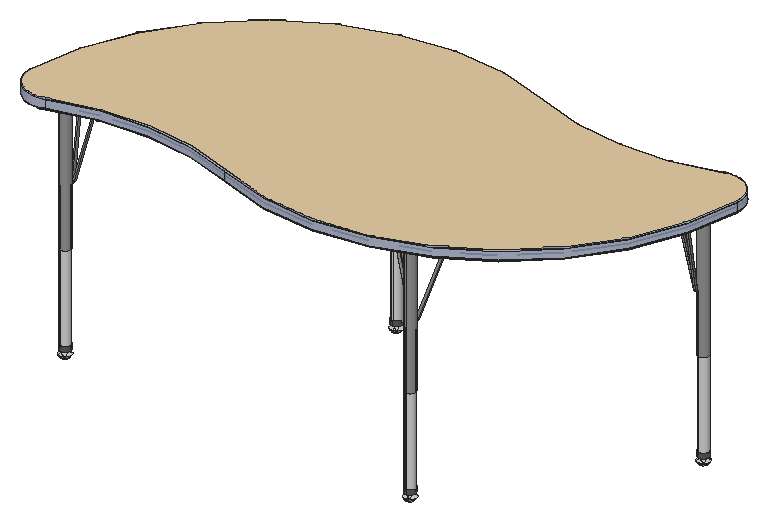
Revit family "Marco - 2255 Veer 60x30", category Furniture, Revit 2020
Family settings
  OmniClass Number = 23.40.20.00
  OmniClass Title = General Furniture and Specialties
  Work Plane-Based = No
  Always vertical = Yes
  Cut with Voids When Loaded = No
  Shared = No
  Room Calculation Point = No
Parameters (values of type "MG2255-B")
  URL = "https://www.madebymarco.net/product-category/desks-tables/"
  Type Image = <None>
  True table height (according to the manufacturer) [instance] = Leg height_calculation + 1.00"  # 26.00"
  Leg type = Marco - All leg types : Marco - MG leg B
  Leg height_calculation [instance] = if(Appex leg A, if(Table height > 30.00", 30.00", if(Table height < 21.00", 21.00", Table height)), if(Appex leg B, if(Table height > 24.00", 24.00", if(Table height < 17.00", 17.00", Table height)), if(MG leg A, if(Table height > 24.00", 24.00", if(Table height < 16.00", 16.00", Table height)), if(MG leg B, if(Table height > 30.00", 30.00", if(Table height < 21.00", 21.00", Table height)), if(Premier leg A, if(Table height > 42.00", 42.00", if(Table height < 32.00", 32.00", Table height)), if(Premier leg B, if(Table height > 31.00", 31.00", if(Table height < 21.00", 21.00", Table height)), Table height)))))) - 1.00"  # 25.00"
  Table height [instance] = 26.00"
  Nominal width [instance] = 60.00"  # constant formula
  Nominal depth [instance] = 30.00"  # constant formula
  Model = "Marco-2255"
  Premier leg B = no
  Premier leg A = no
  MG leg B = yes
  MG leg A = no
  Manufacturer = "Marco Group"
  Leg Finish [instance] = Marco - Leg Finish_Metallic Gray
  Laminate Finishes [instance] = Marco - Laminate Finish_Fusion Maple
  Edgeband Colors [instance] = Marco - Edgeband Finish_Blueberry
  Description = ""
  Default Elevation = 0.00"
  Appex leg B = no
  Appex leg A = no
Types (6): name | True table height (according to the manufacturer) | Leg type | Leg height_calculation | Table height | Premier leg B | Premier leg A | MG leg B | MG leg A | Appex leg B | Appex leg A
  43-2255-A | 37.00" | Marco - All leg types : Marco - Premier Leg A | 36.00" | 37.00" | no | yes | no | no | no | no
  38-2255-B | 21.00" | Marco - All leg types : Marco - Appex Leg B | 20.00" | 21.00" | no | no | no | no | yes | no
  43-2255-B | 26.00" | Marco - All leg types : Marco - Premier Leg B | 25.00" | 26.00" | yes | no | no | no | no | no
  38-2255-A | 26.00" | Marco - All leg types : Marco - Appex Leg A | 25.00" | 26.00" | no | no | no | no | no | yes
  MG2255-A | 20.00" | Marco - All leg types : Marco - MG leg A | 19.00" | 20.00" | no | no | no | yes | no | no
  MG2255-B | 26.00" | Marco - All leg types : Marco - MG leg B | 25.00" | 26.00" | no | no | yes | no | no | no
Reference planes (in)
  plane 1 "Center Front/Back": y = 0
  plane 2: z = 0
  plane 3 "Center Left/Right": x = 0
  plane 4: z = 25
Dimensions and locks (in)
  "Leg height_calculation": plane 4 to level
  aligned and locked: level to plane 2
  aligned and locked: plane 4 to nested 1
Nested families (in)
  nested 1: "Marco - 2255 tabletop" at (0, 0, 25), Edgeband Colors <- "Edgeband Colors", Laminate Finishes <- "Laminate Finishes", type "Marco - 2255 tabletop"
    with Laminate Finishes Marco - Laminate Finish_Fusion Maple, Edgeband Colors Marco - Edgeband Finish_Blueberry
  nested 2: "Marco - All leg types" at (-26.29203, -9.49285, 0) x (0.6428, 0.766, 0) z (0, 0, 1), Leg Finish <- "Leg Finish", Leg height_calculation <- "Leg height_calculation", type <- "Leg type", type "Marco - MG leg B"
    with Leg height_calculation 25.00", Leg Finish Marco - Leg Finish_Metallic Gray
  nested 3: "Marco - All leg types" at (-7.58277, 11.09812, 0) x (0.1736, -0.9848, 0) z (0, 0, 1), Leg Finish <- "Leg Finish", Leg height_calculation <- "Leg height_calculation", type <- "Leg type", type "Marco - MG leg B"
    with Leg height_calculation 25.00", Leg Finish Marco - Leg Finish_Metallic Gray
  nested 4: "Marco - All leg types" at (11.12009, -10.4744, 0) x (-0.1736, 0.9848, 0) z (0, 0, 1), Leg Finish <- "Leg Finish", Leg height_calculation <- "Leg height_calculation", type <- "Leg type", type "Marco - MG leg B"
    with Leg height_calculation 25.00", Leg Finish Marco - Leg Finish_Metallic Gray
  nested 5: "Marco - All leg types" at (26.29203, 9.49285, 0) x (-0.6428, -0.766, 0) z (0, 0, 1), Leg Finish <- "Leg Finish", Leg height_calculation <- "Leg height_calculation", type <- "Leg type", type "Marco - MG leg B"
    with Leg height_calculation 25.00", Leg Finish Marco - Leg Finish_Metallic Gray
Definition of nested family "Marco - 2255 tabletop"
  Parameters (values of type "Marco - 2255 tabletop")
    Laminate Finishes [instance] = none
    Edgeband Colors [instance] = none
    Default Elevation = 0.00"
  Reference planes (in)
    plane 1 "Center (Front/Back)": y = 0
    plane 2: z = 0
    plane 3 "Center (Left/Right)": x = 0
    plane 4: z = -18.11282
  Forms (in)
    Extrusion 1, solid, material <- "Laminate Finishes"
      sketch origin (0, 0, 25.63705) x (0, -1, 0) y (1, 0, 0)
        loop
          arc (12.85168, -6.55428) -> (10.7902, 17.27853) -> (-9.59364, 29.79858) r 26.57512
          arc (-9.59364, 29.79858) -> (-12.17398, 28.65336) -> (-12.59521, 25.86189) r 2.9353
          arc (-12.59521, 25.86189) -> (-10.93765, 16.15272) -> (-12.86076, 6.49264) r 27.09163
          arc (-12.86076, 6.49264) -> (-10.77443, -17.30627) -> (9.59438, -29.79035) r 26.54539
          arc (9.59438, -29.79035) -> (12.18675, -28.63554) -> (12.60345, -25.82834) r 2.948
          arc (12.60345, -25.82834) -> (10.9356, -16.16823) -> (12.85168, -6.55428) r 26.81171
      from -25.63705 to -24.515
    Sweep 2, solid, material <- "Edgeband Colors"
      path origin (-32.6452, -23.35251, -0.00282) x (-1, 0, 0) y (0, -1, 0)
        loop
          arc (-62.55534, -32.9142) -> (-61.3557, -35.61871) -> (-58.42944, -36.05517) r 3.07089
          arc (-58.42944, -36.05517) -> (-48.81486, -34.39709) -> (-39.24667, -36.3047) r 26.69371
          arc (-39.24667, -36.3047) -> (-15.32144, -34.24233) -> (-2.73505, -13.7911) r 26.69312
          arc (-2.73505, -13.7911) -> (-3.93472, -11.08648) -> (-6.86109, -10.64998) r 3.071
          arc (-6.86109, -10.64998) -> (-16.47559, -12.308) -> (-26.04371, -10.4004) r 26.69371
          arc (-26.04371, -10.4004) -> (-49.96903, -12.46282) -> (-62.55534, -32.9142) r 26.69312
      profile origin (28.7105, 12.2662, -0.00282) x (-0.605729, -0.795671, 0) y (0, 0, 1)
        loop
          arc (0.10827, 1.12487) -> (0.03171, 1.09315) -> (0, 1.0166) r 0.10827
          line (0, 1.0166) -> (0, 0.11109)
          arc (0, 0.11109) -> (0.03171, 0.03453) -> (0.10827, 0.00282) r 0.10827
          line (0.10827, 0.00282) -> (0.10827, 0.56224) -> (0.10827, 1.12487)
  Dimensions and locks (in)
    aligned and locked: plane 2 to level
Definition of nested family "Marco - All leg types"
  Parameters (values of type "Marco - Premier Leg B")
    Leg_Premier_Base = yes
    Leg_B_Premier = yes
    Leg_A_Premier = no
    Leg height_calculation [instance] = 26.00"
    Plastic foot material (default) = none
    Leg_Appex_Base = no
    Leg material (middle part) = none
    Leg Finish [instance] = none
    Default Elevation = 0.00"
    Leg_MG_Base = no
    Leg_C_Appex = no
    Leg_B_MG = no
    Leg_B_Appex = no
    Leg_A_MG = no
    Leg_A_Appex = no
  Types (8): name | Leg_Premier_Base | Leg_B_Premier | Leg_A_Premier | Leg_Appex_Base | Leg_MG_Base | Leg_C_Appex | Leg_B_MG | Leg_B_Appex | Leg_A_MG | Leg_A_Appex
    (no name) | yes | yes | no | no | no | no | no | no | no | no
    Marco - Premier Leg B | yes | yes | no | no | no | no | no | no | no | no
    Marco - Premier Leg A | yes | no | yes | no | no | no | no | no | no | no
    Marco - MG leg B | no | no | no | no | yes | no | yes | no | no | no
    Marco - MG leg A | no | no | no | no | yes | no | no | no | yes | no
    Marco - Appex Leg B | no | no | no | yes | no | no | no | yes | no | no
    Marco - Appex Leg A | no | no | no | yes | no | no | no | no | no | yes
    Marco - Appex Leg C | no | no | no | yes | no | yes | no | no | no | no
  Reference planes (in)
    plane 1 "Center (Front/Back)": y = 0
    plane 2: z = 0
    plane 3 "Center (Left/Right)": x = 0
    plane 4: z = 26
    plane 5: z = 25.93275
  Forms (in)
    Extrusion 1, solid, material <- "Leg material (middle part)", visible <- "Leg_B_Appex"
      sketch origin (11.95771, -21.29254, 0) x (0.5, -0.866025, 0) y (0.866025, 0.5, 0)
        loop
          line (-24.72152, 0.76099) -> (-24.97742, 0.31775)
          arc (-24.97742, 0.31775) -> (-24.79729, -0.35451) -> (-24.12503, -0.17438) r 0.49213
          line (-24.12503, -0.17438) -> (-23.86913, 0.26886)
          arc (-23.86913, 0.26886) -> (-24.04926, 0.94112) -> (-24.72152, 0.76099) r 0.49213
        loop
          arc (-24.91946, 0.28428) -> (-24.76383, -0.29654) -> (-24.183, -0.14091) r 0.4252
          line (-24.183, -0.14091) -> (-23.92709, 0.30233)
          arc (-23.92709, 0.30233) -> (-24.08272, 0.88316) -> (-24.66355, 0.72753) r 0.4252
          line (-24.66355, 0.72753) -> (-24.91946, 0.28428)
      from 0.82677 to 14.41
    Extrusion 2, solid, material <- "Leg material (middle part)", visible <- "Leg_A_Appex"
      sketch origin (11.95771, -21.29254, 0) x (0.5, -0.866025, 0) y (0.866025, 0.5, 0)
        loop
          line (-24.72152, 0.76099) -> (-24.97742, 0.31775)
          arc (-24.97742, 0.31775) -> (-24.79729, -0.35451) -> (-24.12503, -0.17438) r 0.49213
          line (-24.12503, -0.17438) -> (-23.86913, 0.26886)
          arc (-23.86913, 0.26886) -> (-24.04926, 0.94112) -> (-24.72152, 0.76099) r 0.49213
        loop
          arc (-24.91946, 0.28428) -> (-24.76383, -0.29654) -> (-24.183, -0.14091) r 0.4252
          line (-24.183, -0.14091) -> (-23.92709, 0.30233)
          arc (-23.92709, 0.30233) -> (-24.08272, 0.88316) -> (-24.66355, 0.72753) r 0.4252
          line (-24.66355, 0.72753) -> (-24.91946, 0.28428)
      from 0.82677 to 16.37795
    Extrusion 3, solid, material <- "Leg Finish", visible <- "Leg_A_Appex"
      sketch origin (12.0826, -21.51395, 0) x (0.5, -0.866025, 0) y (0.866025, 0.5, 0)
        loop
          spline (-24.1654, 1.17297) -> (-24.31316, 1.22174) -> (-24.48864, 1.21215) -> (-24.68147, 1.14055) -> (-24.87647, 1.00905) -> (-25.05799, 0.826) -> (-25.21198, 0.60433) -> (-25.32696, 0.36014) -> (-25.39473, 0.11141) -> (-25.4111, -0.12322) -> (-25.37669, -0.32601) -> (-25.29726, -0.48278) -> (-25.18115, -0.58636)
          spline (-25.18115, -0.58636) -> (-25.03339, -0.63512) -> (-24.85791, -0.62553) -> (-24.66508, -0.55393) -> (-24.47008, -0.42244) -> (-24.28856, -0.23939) -> (-24.13457, -0.01772) -> (-24.01959, 0.22648) -> (-23.95182, 0.47521) -> (-23.93545, 0.70983) -> (-23.96986, 0.91263) -> (-24.04929, 1.06939) -> (-24.1654, 1.17297)
        loop
          spline (-24.13194, 1.23093) -> (-24.30481, 1.28814) -> (-24.5028, 1.27756) -> (-24.7124, 1.1999) -> (-24.91934, 1.06046) -> (-25.10951, 0.86873) -> (-25.26995, 0.6378) -> (-25.38972, 0.38338) -> (-25.46068, 0.12283) -> (-25.47797, -0.1261) -> (-25.44042, -0.34646) -> (-25.3506, -0.52321) -> (-25.21461, -0.64432)
          spline (-25.21461, -0.64432) -> (-25.04174, -0.70153) -> (-24.84375, -0.69094) -> (-24.63415, -0.61328) -> (-24.42721, -0.47384) -> (-24.23704, -0.28212) -> (-24.0766, -0.05118) -> (-23.95683, 0.20323) -> (-23.88587, 0.46378) -> (-23.86858, 0.71272) -> (-23.90613, 0.93307) -> (-23.99595, 1.10982) -> (-24.13194, 1.23093)
      from 7.88189 to 25.93275
    Extrusion 4, solid, material <- "Leg Finish", visible <- "Leg_B_Appex"
      sketch origin (12.0826, -21.51395, 0) x (0.5, -0.866025, 0) y (0.866025, 0.5, 0)
        loop
          spline (-24.1654, 1.17297) -> (-24.31316, 1.22174) -> (-24.48864, 1.21215) -> (-24.68147, 1.14055) -> (-24.87647, 1.00905) -> (-25.05799, 0.826) -> (-25.21198, 0.60433) -> (-25.32696, 0.36014) -> (-25.39473, 0.11141) -> (-25.4111, -0.12322) -> (-25.37669, -0.32601) -> (-25.29726, -0.48278) -> (-25.18115, -0.58636)
          spline (-25.18115, -0.58636) -> (-25.03339, -0.63512) -> (-24.85791, -0.62553) -> (-24.66508, -0.55393) -> (-24.47008, -0.42244) -> (-24.28856, -0.23939) -> (-24.13457, -0.01772) -> (-24.01959, 0.22648) -> (-23.95182, 0.47521) -> (-23.93545, 0.70983) -> (-23.96986, 0.91263) -> (-24.04929, 1.06939) -> (-24.1654, 1.17297)
        loop
          spline (-24.13194, 1.23093) -> (-24.30481, 1.28814) -> (-24.5028, 1.27756) -> (-24.7124, 1.1999) -> (-24.91934, 1.06046) -> (-25.10951, 0.86873) -> (-25.26995, 0.6378) -> (-25.38972, 0.38338) -> (-25.46068, 0.12283) -> (-25.47797, -0.1261) -> (-25.44042, -0.34646) -> (-25.3506, -0.52321) -> (-25.21461, -0.64432)
          spline (-25.21461, -0.64432) -> (-25.04174, -0.70153) -> (-24.84375, -0.69094) -> (-24.63415, -0.61328) -> (-24.42721, -0.47384) -> (-24.23704, -0.28212) -> (-24.0766, -0.05118) -> (-23.95683, 0.20323) -> (-23.88587, 0.46378) -> (-23.86858, 0.71272) -> (-23.90613, 0.93307) -> (-23.99595, 1.10982) -> (-24.13194, 1.23093)
      from 12.803 to 25.93275
    Extrusion 5, solid, material <- "Leg Finish", visible <- "Leg_A_MG"
      sketch origin (4.71681, -0.56401, 2.21094) x (1, 0, 0) y (0, 1, 0)
        loop
          circle (-4.71677, 0.5625) r 0.51
        loop
          circle (-4.71677, 0.5625) r 0.56
      from 12.49606 to 23.72181
    Extrusion 6, solid, material <- "Leg Finish", visible <- "Leg_B_MG"
      sketch origin (4.71681, -0.56401, 2.21094) x (1, 0, 0) y (0, 1, 0)
        loop
          circle (-4.71677, 0.5625) r 0.51
        loop
          circle (-4.71677, 0.5625) r 0.56
      from 9.16706 to 23.72181
    Extrusion 7, solid, material <- "Leg material (middle part)", visible <- "Leg_B_MG"
      sketch origin (14.75753, 0, 0) x (1, 0, 0) y (0, 1, 0)
        loop
          circle (-14.75749, 0) r 0.441
        loop
          circle (-14.75749, 0) r 0.489
      from 0.81393 to 17.06428
    Extrusion 8, solid, material <- "Leg material (middle part)", visible <- "Leg_A_MG"
      sketch origin (14.75753, 0, 0) x (1, 0, 0) y (0, 1, 0)
        loop
          circle (-14.75749, 0) r 0.441
        loop
          circle (-14.75749, 0) r 0.489
      from 0.81393 to 14.30293
    Extrusion 9, solid, material <- "Leg Finish", visible <- "Leg_C_Appex"
      sketch origin (12.0826, -21.51395, 0) x (0.5, -0.866025, 0) y (0.866025, 0.5, 0)
        loop
          spline (-24.1654, 1.17297) -> (-24.31316, 1.22174) -> (-24.48864, 1.21215) -> (-24.68147, 1.14055) -> (-24.87647, 1.00905) -> (-25.05799, 0.826) -> (-25.21198, 0.60433) -> (-25.32696, 0.36014) -> (-25.39473, 0.11141) -> (-25.4111, -0.12322) -> (-25.37669, -0.32601) -> (-25.29726, -0.48278) -> (-25.18115, -0.58636)
          spline (-25.18115, -0.58636) -> (-25.03339, -0.63512) -> (-24.85791, -0.62553) -> (-24.66508, -0.55393) -> (-24.47008, -0.42244) -> (-24.28856, -0.23939) -> (-24.13457, -0.01772) -> (-24.01959, 0.22648) -> (-23.95182, 0.47521) -> (-23.93545, 0.70983) -> (-23.96986, 0.91263) -> (-24.04929, 1.06939) -> (-24.1654, 1.17297)
        loop
          spline (-24.13194, 1.23093) -> (-24.30481, 1.28814) -> (-24.5028, 1.27756) -> (-24.7124, 1.1999) -> (-24.91934, 1.06046) -> (-25.10951, 0.86873) -> (-25.26995, 0.6378) -> (-25.38972, 0.38338) -> (-25.46068, 0.12283) -> (-25.47797, -0.1261) -> (-25.44042, -0.34646) -> (-25.3506, -0.52321) -> (-25.21461, -0.64432)
          spline (-25.21461, -0.64432) -> (-25.04174, -0.70153) -> (-24.84375, -0.69094) -> (-24.63415, -0.61328) -> (-24.42721, -0.47384) -> (-24.23704, -0.28212) -> (-24.0766, -0.05118) -> (-23.95683, 0.20323) -> (-23.88587, 0.46378) -> (-23.86858, 0.71272) -> (-23.90613, 0.93307) -> (-23.99595, 1.10982) -> (-24.13194, 1.23093)
      from 16.937 to 25.93275
    Extrusion 10, solid, material <- "Leg material (middle part)", visible <- "Leg_C_Appex"
      sketch origin (11.95771, -21.29254, 0) x (0.5, -0.866025, 0) y (0.866025, 0.5, 0)
        loop
          line (-24.72152, 0.76099) -> (-24.97742, 0.31775)
          arc (-24.97742, 0.31775) -> (-24.79729, -0.35451) -> (-24.12503, -0.17438) r 0.49213
          line (-24.12503, -0.17438) -> (-23.86913, 0.26886)
          arc (-23.86913, 0.26886) -> (-24.04926, 0.94112) -> (-24.72152, 0.76099) r 0.49213
        loop
          arc (-24.91946, 0.28428) -> (-24.76383, -0.29654) -> (-24.183, -0.14091) r 0.4252
          line (-24.183, -0.14091) -> (-23.92709, 0.30233)
          arc (-23.92709, 0.30233) -> (-24.08272, 0.88316) -> (-24.66355, 0.72753) r 0.4252
          line (-24.66355, 0.72753) -> (-24.91946, 0.28428)
      from 0.82677 to 10.472
  Dimensions and locks (in)
    "Leg height_calculation": plane 4 to level
    locked: plane 4 to plane 5 at 0.06725
    locked: plane 4 to Extrusion 9 at 9.063
    locked: plane 4 to Extrusion 4 at 13.197
    locked: plane 4 to Extrusion 3 at 18.11811
    locked: plane 4 to Extrusion 5 at 11.293
    locked: plane 4 to Extrusion 6 at 14.622
    aligned and locked: plane 2 to level
    aligned and locked: nested 3 to plane 4
    aligned and locked: nested 2 to plane 4
    aligned and locked: plane 5 to Extrusion 6
    aligned and locked: plane 5 to Extrusion 5
    aligned and locked: plane 5 to Extrusion 4
    aligned and locked: plane 5 to Extrusion 3
    aligned and locked: plane 4 to nested 5
    aligned and locked: plane 4 to nested 6
    aligned and locked: plane 5 to Extrusion 9
  Automatic sketch dimensions
    Extrusion 1 sketch curve to Extrusion 1 sketch curve = 0.00"  (x4)
    Extrusion 1 sketch curve to plane 1 "Center (Front/Back)" = 0.49741"
    Extrusion 1 sketch curve to plane 3 "Center (Left/Right)" = 0.25582"
    Extrusion 1 sketch curve to Extrusion 1 sketch curve = 0.05796"  (x4)
    Extrusion 1 sketch curve to Extrusion 1 sketch curve = 0.25591"
    Extrusion 1 sketch curve to Extrusion 1 sketch curve = 0.36823"  (x4)
    Extrusion 1 sketch curve to Extrusion 1 sketch curve = 0.01542"
    Extrusion 1 sketch curve to Extrusion 1 sketch curve = 0.03346"  (x2)
    Extrusion 1 sketch curve to Extrusion 1 sketch curve = 0.2126"  (x2)
    Extrusion 2 sketch curve to Extrusion 2 sketch curve = 0.00"  (x4)
    Extrusion 2 sketch curve to plane 1 "Center (Front/Back)" = 0.49741"
    Extrusion 2 sketch curve to plane 3 "Center (Left/Right)" = 0.25582"
    Extrusion 2 sketch curve to Extrusion 2 sketch curve = 0.05796"  (x4)
    Extrusion 2 sketch curve to Extrusion 2 sketch curve = 0.25591"
    Extrusion 2 sketch curve to Extrusion 2 sketch curve = 0.36823"  (x4)
    Extrusion 2 sketch curve to Extrusion 2 sketch curve = 0.01542"
    Extrusion 2 sketch curve to Extrusion 2 sketch curve = 0.03346"  (x2)
    Extrusion 2 sketch curve to Extrusion 2 sketch curve = 0.2126"  (x2)
    Extrusion 3 sketch curve to plane 1 "Center (Front/Back)" = 0.00038"
    Extrusion 3 sketch curve to plane 3 "Center (Left/Right)" = 1.0827"
    Extrusion 3 sketch curve to Extrusion 3 sketch curve = 0.00"  (x8)
    Extrusion 3 sketch curve to Extrusion 3 sketch curve = 0.03346"  (x2)
    Extrusion 3 sketch curve to Extrusion 3 sketch curve = 1.01575"
    Extrusion 3 sketch curve to Extrusion 3 sketch curve = 0.05796"  (x2)
    Extrusion 3 sketch curve to Extrusion 3 sketch curve = 1.75933"
    Extrusion 4 sketch curve to plane 1 "Center (Front/Back)" = 0.00038"
    Extrusion 4 sketch curve to plane 3 "Center (Left/Right)" = 1.0827"
    Extrusion 4 sketch curve to Extrusion 4 sketch curve = 0.00"  (x8)
    Extrusion 4 sketch curve to Extrusion 4 sketch curve = 0.03346"  (x2)
    Extrusion 4 sketch curve to Extrusion 4 sketch curve = 1.01575"
    Extrusion 4 sketch curve to Extrusion 4 sketch curve = 0.05796"  (x2)
    Extrusion 4 sketch curve to Extrusion 4 sketch curve = 1.75933"
    Extrusion 5 sketch curve to Extrusion 5 sketch curve = 0.00"  (x2)
    plane 1 "Center (Front/Back)" to Extrusion 5 sketch curve = 0.00151"
    plane 3 "Center (Left/Right)" to Extrusion 5 sketch curve = 0.00004"
    Extrusion 6 sketch curve to Extrusion 6 sketch curve = 0.00"  (x2)
    plane 1 "Center (Front/Back)" to Extrusion 6 sketch curve = 0.00151"
    plane 3 "Center (Left/Right)" to Extrusion 6 sketch curve = 0.00004"
    Extrusion 7 sketch curve to Extrusion 7 sketch curve = 0.00"  (x2)
    plane 1 "Center (Front/Back)" to Extrusion 7 sketch curve = 0.00"
    plane 3 "Center (Left/Right)" to Extrusion 7 sketch curve = 0.00004"
    Extrusion 8 sketch curve to Extrusion 8 sketch curve = 0.00"  (x2)
    plane 1 "Center (Front/Back)" to Extrusion 8 sketch curve = 0.00"
    plane 3 "Center (Left/Right)" to Extrusion 8 sketch curve = 0.00004"
    Extrusion 9 sketch curve to plane 1 "Center (Front/Back)" = 0.00038"
    Extrusion 9 sketch curve to plane 3 "Center (Left/Right)" = 1.0827"
    Extrusion 9 sketch curve to Extrusion 9 sketch curve = 0.00"  (x8)
    Extrusion 9 sketch curve to Extrusion 9 sketch curve = 0.03346"  (x2)
    Extrusion 9 sketch curve to Extrusion 9 sketch curve = 1.01575"
    Extrusion 9 sketch curve to Extrusion 9 sketch curve = 0.05796"  (x2)
    Extrusion 9 sketch curve to Extrusion 9 sketch curve = 1.75933"
    Extrusion 10 sketch curve to Extrusion 10 sketch curve = 0.00"  (x4)
    Extrusion 10 sketch curve to plane 1 "Center (Front/Back)" = 0.49741"
    Extrusion 10 sketch curve to plane 3 "Center (Left/Right)" = 0.25582"
    Extrusion 10 sketch curve to Extrusion 10 sketch curve = 0.05796"  (x4)
    Extrusion 10 sketch curve to Extrusion 10 sketch curve = 0.25591"
    Extrusion 10 sketch curve to Extrusion 10 sketch curve = 0.36823"  (x4)
    Extrusion 10 sketch curve to Extrusion 10 sketch curve = 0.01542"
    Extrusion 10 sketch curve to Extrusion 10 sketch curve = 0.03346"  (x2)
    Extrusion 10 sketch curve to Extrusion 10 sketch curve = 0.2126"  (x2)
    radius of Extrusion 5 sketch curve = 0.51"
    radius of Extrusion 5 sketch curve = 0.56"
    radius of Extrusion 6 sketch curve = 0.51"
    radius of Extrusion 6 sketch curve = 0.56"
    radius of Extrusion 7 sketch curve = 0.441"
    radius of Extrusion 7 sketch curve = 0.489"
    radius of Extrusion 8 sketch curve = 0.441"
    radius of Extrusion 8 sketch curve = 0.489"
  Nested families (in)
    nested 1: "Bottom of the leg_Premier" at (0, 0, 0), visible <- "Leg_Premier_Base", type "Bottom of the leg_Premier"
    nested 2: "Top of the B leg_Premier" at (0, 0, 16), visible <- "Leg_B_Premier", type "Top of the B leg_Premier"
    nested 3: "Top of the A leg_Premier" at (0, 0, 16), visible <- "Leg_A_Premier", type "Top of the A leg_Premier"
    nested 4: "Bottom of the leg_MG" at (-0.4066, 0, 0), visible <- "Leg_MG_Base", type "Bottom of the leg_MG"
    nested 5: "Top of the leg_MG" at (0.254, 0, 3.24836), visible <- "Leg_MG_Base", type "Top of the leg_MG"
    nested 6: "Top of the leg_Appex" at (-0.15462, 0, 0.75591) x (1, 0, 0) z (0, 0, 1), visible <- "Leg_Appex_Base", Leg finish <- "Leg Finish", type "Top of the leg_Appex"
      with Leg finish none
    nested 7: "Bottom of the leg_Appex" at (0, 0, 0), visible <- "Leg_Appex_Base", type "Bottom of the leg_Appex"
  Definition of nested family "Bottom of the leg_Premier"
    Parameters (values of type "Bottom_of_the_A&B_leg_PREMIER_")
      Plastic foot material = none
      Leg Finish = none
      Default Elevation = 0.00"
    Reference planes (in)
      plane 1 "Center (Front/Back)": y = 0
      plane 2: z = 0
      plane 3 "Center (Left/Right)": x = 0
    Forms (in)
      Revolve 1, solid, material <- "Leg Finish"
        sketch origin (0, 0, 0) x (1, 0, 0) y (0, 0, 1)
          loop
            line (0, 0) -> (0, 1.10236) -> (-0.34875, 1.10236) -> (-0.34875, 0.71936) -> (-0.27766, 0.71936) -> (-0.27766, 0.55512) -> (-0.33302, 0.55512) -> (-0.33302, 0.51575) -> (-0.58743, 0.51575)
            arc (-0.58743, 0.51575) -> (-0.65968, 0.46605) -> (-0.6875, 0.38288) r 0.13825
            line (-0.6875, 0.38288) -> (-0.6875, 0.13287)
            arc (-0.6875, 0.13287) -> (-0.65968, 0.0497) -> (-0.58743, 0) r 0.13825
            line (-0.58743, 0) -> (0, 0)
          loop
            line (-0.88509, 2.99213) -> (-0.83706, 2.99213) -> (-0.83706, 18.84459) -> (-0.88509, 18.84459) -> (-0.88509, 2.99213)
          axis (0, 18.84459) -> (0, 0)
        angle from 0 to 360
      Revolve 2, solid, material <- "Plastic foot material"
        sketch origin (0, 0, 0) x (1, 0, 0) y (0, 0, 1)
          loop
            line (0, 1.10236) -> (0, 2.99213) -> (-0.88509, 2.99213)
            arc (-0.88509, 2.99213) -> (-0.97289, 2.93789) -> (-1.00722, 2.84057) r 0.15511
            line (-1.00722, 2.84057) -> (-1.00722, 1.416)
            arc (-1.00722, 1.416) -> (-0.98924, 1.35402) -> (-0.94089, 1.31128) r 0.11582
            line (-0.94089, 1.31128) -> (-0.51254, 1.10236) -> (0, 1.10236)
          axis (0, 2.99213) -> (0, 1.10236)
        angle from 0 to 360
    Dimensions and locks (in)
      aligned and locked: plane 2 to level
  Definition of nested family "Top of the B leg_Premier"
    Parameters (values of type "Top_of_the_B_leg_PREMIER_")
      Leg height = 31.00"
      Leg Material = none
      Default Elevation = 0.00"
    Reference planes (in)
      plane 1 "Center (Front/Back)": y = 0
      plane 2: z = 0
      plane 3 "Center (Left/Right)": x = 0
      plane 4: z = 10
    Forms (in)
      Extrusion 1, solid, material <- "Leg Material"
        sketch origin (27.64776, -10.58102, -9.14173) x (-0.707107, 0.707107, 0) y (-0.707107, -0.707107, 0)
          loop
            circle (27.0321, 12.08923) r 0.98438
          loop
            circle (27.0321, 12.08923) r 0.96421
        from 2.99213 to 19.03543
      Extrusion 2, solid, material <- "Leg Material"
        sketch origin (27.61047, -10.65436, 9.07632) x (0.707107, -0.707107, 0) y (0.707107, 0.707107, 0)
          loop
            line (-28.74479, -12.69685) -> (-28.74479, -8.71468)
            arc (-28.74479, -8.71468) -> (-28.45314, -8.2782) -> (-27.93828, -8.38061) r 0.47244
            line (-27.93828, -8.38061) -> (-23.4443, -12.87459)
            arc (-23.4443, -12.87459) -> (-23.34199, -13.3897) -> (-23.7789, -13.6811) r 0.47244
            line (-23.7789, -13.6811) -> (-27.85144, -13.67645)
            arc (-27.85144, -13.67645) -> (-28.48487, -13.35818) -> (-28.74015, -12.69685) r 0.98425
        from 0.81738 to 0.92368
      Extrusion 3, solid, material <- "Leg Material"
        sketch origin (30.86364, 34.67561, -16.17945) x (0.500001, 0.866025, 0) y (0, 0, -1)
          loop
            line (-44.54347, -21.08143) -> (-44.54347, -25.54166) -> (-44.30725, -25.77788) -> (-43.10145, -25.77788)
            arc (-43.10145, -25.77788) -> (-42.99137, -25.81153) -> (-42.91893, -25.90099) r 0.19685
            line (-42.91893, -25.90099) -> (-42.89911, -25.95004)
            arc (-42.89911, -25.95004) -> (-42.82667, -26.0395) -> (-42.71659, -26.07315) r 0.19685
            line (-42.71659, -26.07315) -> (-42.01505, -26.07315)
            arc (-42.01505, -26.07315) -> (-41.99861, -26.07229) -> (-41.98235, -26.06972) r 0.15748
            line (-41.98235, -26.06972) -> (-41.90762, -26.03744) -> (-44.47357, -21.03071) -> (-44.54347, -21.08143)
        from 9.50891 to 9.58765
      Extrusion 4, solid, material <- "Leg Material"
        sketch origin (30.86311, -34.67527, -16.17945) x (0.499999, -0.866026, 0) y (0, 0, 1)
          loop
            line (-44.54347, 21.08143) -> (-44.47357, 21.03071) -> (-41.90762, 26.03744) -> (-41.98235, 26.06972)
            arc (-41.98235, 26.06972) -> (-41.99861, 26.07229) -> (-42.01505, 26.07315) r 0.15748
            line (-42.01505, 26.07315) -> (-42.71659, 26.07315)
            arc (-42.71659, 26.07315) -> (-42.82667, 26.0395) -> (-42.89911, 25.95004) r 0.19685
            line (-42.89911, 25.95004) -> (-42.91893, 25.90099)
            arc (-42.91893, 25.90099) -> (-42.99137, 25.81153) -> (-43.10145, 25.77788) r 0.19685
            line (-43.10145, 25.77788) -> (-44.30725, 25.77788) -> (-44.54347, 25.54166) -> (-44.54347, 21.08143)
        from 9.50891 to 9.58765
    Dimensions and locks (in)
      aligned and locked: plane 2 to level
  Definition of nested family "Top of the A leg_Premier"
    Parameters (values of type "Top of the A leg_Premier")
      Leg Finish = none
      Default Elevation = 0.00"
    Reference planes (in)
      plane 1 "Center Front/Back": y = 0
      plane 2: z = 0
      plane 3 "Center Left/Right": x = 0
      plane 4: z = 10
    Forms (in)
      Extrusion 1, solid, material <- "Leg Finish"
        sketch origin (29.09243, 12.08923, -26.85738) x (-1, 0, 0) y (0, -1, 0)
          loop
            circle (29.09243, 12.08923) r 1.08268
          loop
            circle (29.09243, 12.08923) r 1.02362
        from 15.19596 to 36.75108
      Extrusion 2, solid, material <- "Leg Finish"
        sketch origin (-9.25, 0.00158, 8.89262) x (0, -1, 0) y (1, 0, 0)
          loop
            arc (-4.7326, 13.07018) -> (-5.07854, 12.23501) -> (-4.7326, 11.39985) r 1.1811
            line (-4.7326, 11.39985) -> (-1.12501, 7.79226) -> (-0.6286, 7.29585)
            arc (-0.6286, 7.29585) -> (0, 7.07599) -> (0.6286, 7.29585) r 1.00855
            line (0.6286, 7.29585) -> (1.12501, 7.79226) -> (4.7326, 11.39985)
            arc (4.7326, 11.39985) -> (5.07854, 12.23501) -> (4.7326, 13.07018) r 1.1811
            line (4.7326, 13.07018) -> (0.83517, 16.96762)
            arc (0.83517, 16.96762) -> (0, 17.31356) -> (-0.83517, 16.96762) r 1.1811
            line (-0.83517, 16.96762) -> (-4.7326, 13.07018)
        from 1.00108 to 1.10738
      Extrusion 3, solid, material <- "Leg Finish"
        sketch origin (-6.23228, 5.07922, -26.85738) x (0.707107, -0.707107, 0) y (0, 0, 1)
          loop
            line (9.08077, 27.38295) -> (9.21959, 27.33235) -> (12.65284, 36.75108) -> (9.71482, 36.75108) -> (9.08077, 35.87548) -> (9.08077, 27.38295)
        from -0.65786 to -0.57912
      Extrusion 4, solid, material <- "Leg Finish"
        sketch origin (-6.23228, -5.07605, -26.85738) x (0.707107, 0.707107, 0) y (0, 0, -1)
          loop
            line (9.08077, -27.38295) -> (9.08077, -35.87548) -> (9.71482, -36.75108) -> (12.65284, -36.75108) -> (9.21959, -27.33235) -> (9.08077, -27.38295)
        from -0.65786 to -0.57912
    Dimensions and locks (in)
      aligned and locked: level to plane 2
  Definition of nested family "Bottom of the leg_MG"
    Parameters (values of type "Bottom of the leg_B_MG")
      Plastic foot material (default) = none
      Lower leg part material (default) = none
      Default Elevation = 0.00"
    Reference planes (in)
      plane 1 "Center Front/Back": y = 0
      plane 2: z = 0
      plane 3 "Center Left/Right": x = 0
    Forms (in)
      Revolve 1, solid, material <- "Plastic foot material (default)"
        sketch origin (2.90313, 0, 0.13234) x (-0.99863, 0, -0.052336) y (-0.052336, 0, 0.99863)
          loop
            line (2.99174, 1.21804) -> (2.95993, 1.21637) -> (2.98401, 0.7569) -> (3.01582, 0.75856) -> (2.99174, 1.21804)
          axis (2.46158, 0.72948) -> (2.43747, 1.18896)
        angle from 0 to 360
      Revolve 2, solid, material <- "Lower leg part material (default)"
        sketch origin (5.49233, -0.00151, 0.01097) x (1, 0, 0) y (0, 0, 1)
          loop
            line (-5.08577, 0) -> (-5.08577, 0.72103) -> (-5.60232, 0.72103) -> (-5.33176, 0.69736) -> (-5.21381, 0.6383) -> (-5.21381, 0.52703) -> (-5.69797, 0.24751) -> (-5.5832, 0.15011) -> (-5.49999, 0) -> (-5.08577, 0)
          axis (-5.08573, 0) -> (-5.08573, 0.72103)
        angle from 0 to 360
    Dimensions and locks (in)
      aligned and locked: level to plane 2
  Definition of nested family "Top of the leg_MG"
    Parameters (values of type "Top_of_the_leg_A_leg_MG")
      Leg material = none
      Default Elevation = 0.00"
    Reference planes (in)
      plane 1 "Center Front/Back": y = 0
      plane 2: z = 0
      plane 3 "Center Left/Right": x = 0
      plane 4: z = 22.75164
    Forms (in)
      Extrusion 1, solid, material <- "Leg material"
        sketch origin (1.97462, -0.1861, -0.00725) x (0.707107, 0.707107, 0) y (-0.707107, 0.707107, 0)
          loop
            line (2.18325, 2.96031) -> (-2.18325, 2.96031)
            arc (-2.18325, 2.96031) -> (-2.54812, 2.80917) -> (-2.69925, 2.44431) r 0.516
            line (-2.69925, 2.44431) -> (-2.69925, -1.92219)
            arc (-2.69925, -1.92219) -> (-2.4338, -2.31946) -> (-1.96519, -2.22625) r 0.43
            line (-1.96519, -2.22625) -> (2.48731, 2.22625)
            arc (2.48731, 2.22625) -> (2.58052, 2.69486) -> (2.18325, 2.96031) r 0.43
        from 22.69164 to 22.75164
      Sweep 2, solid, material <- "Leg material"
        path origin (22.80572, -0.00151, 21.13617) x (0.160915, 0, 0.986968) y (0, 1, 0)
          loop
            line (-1.81223, 2.80369) -> (-10.01782, 0.28757)
            arc (-10.01782, 0.28757) -> (-10.23042, 0) -> (-10.01782, -0.28757) r 0.30078
            line (-10.01782, -0.28757) -> (-1.81223, -2.80369)
        profile origin (21.8539, 1.54412, 15.29823) x (0.047174, -0.956063, 0.289342) y (-0.986968, 0, 0.160915)
          loop
            circle (0, 21) r 0.12398
    Dimensions and locks (in)
      aligned and locked: level to plane 2
  Definition of nested family "Top of the leg_Appex"
    Parameters (values of type "Top_of_the_Appex_leg_A")
      Leg finish [instance] = none
      Default Elevation = 0.00"
    Reference planes (in)
      plane 1 "Center Front/Back": y = 0
      plane 2: z = 0
      plane 3 "Center Left/Right": x = 0
      plane 4: z = 25.24409
    Forms (in)
      Extrusion 1, solid, material <- "Leg finish"
        sketch origin (8.23973, -14.58575, 0) x (0.5, -0.866025, 0) y (0, 0, 1)
          loop
            line (-16.04822, 21.77936) -> (-16.01757, 21.79052)
            arc (-16.01757, 21.79052) -> (-15.94946, 21.83265) -> (-15.90376, 21.89842) r 0.19685
            arc (-15.90376, 21.89842) -> (-14.93638, 23.44935) -> (-13.54107, 24.63016) r 5.90551
            arc (-13.54107, 24.63016) -> (-13.4307, 24.73042) -> (-13.36554, 24.86453) r 0.3937
            line (-13.36554, 24.86453) -> (-13.29232, 25.1378) -> (-13.98125, 25.1378)
            arc (-13.98125, 25.1378) -> (-14.09416, 25.1022) -> (-14.16623, 25.00827) r 0.19685
            line (-14.16623, 25.00827) -> (-14.17942, 24.97204)
            arc (-14.17942, 24.97204) -> (-14.25149, 24.87812) -> (-14.3644, 24.84252) r 0.19685
            line (-14.3644, 24.84252) -> (-15.77263, 24.84252) -> (-16.04822, 24.56693) -> (-16.04822, 21.77936)
        from 0 to 0.10236
      Extrusion 2, solid, material <- "Leg finish"
        sketch origin (8.23973, 14.58652, 0) x (0.5, 0.866025, 0) y (0, 0, -1)
          loop
            line (-16.04822, -21.77936) -> (-16.04822, -24.56693) -> (-15.77263, -24.84252) -> (-14.3644, -24.84252)
            arc (-14.3644, -24.84252) -> (-14.25149, -24.87812) -> (-14.17942, -24.97204) r 0.19685
            line (-14.17942, -24.97204) -> (-14.16623, -25.00827)
            arc (-14.16623, -25.00827) -> (-14.09416, -25.1022) -> (-13.98125, -25.1378) r 0.19685
            line (-13.98125, -25.1378) -> (-13.29232, -25.1378) -> (-13.36554, -24.86453)
            arc (-13.36554, -24.86453) -> (-13.4307, -24.73042) -> (-13.54107, -24.63016) r 0.3937
            arc (-13.54107, -24.63016) -> (-14.93638, -23.44935) -> (-15.90376, -21.89842) r 5.90551
            arc (-15.90376, -21.89842) -> (-15.94946, -21.83265) -> (-16.01757, -21.79052) r 0.19685
            line (-16.01757, -21.79052) -> (-16.04822, -21.77936)
        from 0 to 0.10236
      Extrusion 3, solid, material <- "Leg finish"
        sketch origin (27.61047, -10.64836, 24.32042) x (0.707107, -0.707107, 0) y (0.707107, 0.707107, 0)
          loop
            line (-28.74479, -12.69685) -> (-28.74479, -8.71468)
            arc (-28.74479, -8.71468) -> (-28.45314, -8.2782) -> (-27.93828, -8.38061) r 0.47244
            line (-27.93828, -8.38061) -> (-23.4443, -12.87459)
            arc (-23.4443, -12.87459) -> (-23.34199, -13.3897) -> (-23.7789, -13.6811) r 0.47244
            line (-23.7789, -13.6811) -> (-27.85144, -13.67645)
            arc (-27.85144, -13.67645) -> (-28.48487, -13.35818) -> (-28.74015, -12.69685) r 0.98425
        from 0.81738 to 0.92368
    Dimensions and locks (in)
      aligned and locked: level to plane 2
  Definition of nested family "Bottom of the leg_Appex"
    Parameters (values of type "Bottom_of the_Appex_leg_A")
      Plastic foot material (default) = none
      Lower leg part material (default) = none
      Default Elevation = 0.00"
    Reference planes (in)
      plane 1 "Center Front/Back": y = 0
      plane 2: z = 0
      plane 3 "Center Left/Right": x = 0
    Forms (in)
      Sweep 1, solid, material <- "Plastic foot material (default)"
        path origin (0.00256, -19.19875, 0.00003) x (0, -1, 0) y (1, 0, 0)
          loop
            line (-18.66415, -0.25591) -> (-18.66415, 0.25591)
            arc (-18.66415, 0.25591) -> (-18.68477, 0.39933) -> (-18.74495, 0.53114) r 0.50913
            arc (-18.74495, 0.53114) -> (-18.93964, 0.70826) -> (-19.19676, 0.76449) r 0.50913
            arc (-19.19676, 0.76449) -> (-19.44927, 0.68373) -> (-19.62695, 0.48697) r 0.50913
            arc (-19.62695, 0.48697) -> (-19.66835, 0.37472) -> (-19.6824, 0.25591) r 0.50913
            line (-19.6824, 0.25591) -> (-19.6824, -0.00251) -> (-19.6824, -0.25591)
            arc (-19.6824, -0.25591) -> (-19.66134, -0.40083) -> (-19.5999, -0.53376) r 0.50913
            arc (-19.5999, -0.53376) -> (-19.40235, -0.71058) -> (-19.14269, -0.76411) r 0.50913
            arc (-19.14269, -0.76411) -> (-18.90951, -0.69138) -> (-18.73704, -0.51841) r 0.50913
            arc (-18.73704, -0.51841) -> (-18.68271, -0.39213) -> (-18.66415, -0.25591) r 0.50913
        profile origin (0.00256, -0.5346, 0.00003) x (0, 1, 0) y (0, 0, 1)
          loop
            line (-0.15779, 1.69264) -> (-0.09682, 0.82077)
            arc (-0.09682, 0.82077) -> (-0.06079, 0.74121) -> (0.02026, 0.70866) r 0.11719
            line (0.02026, 0.70866) -> (0.19933, 0.70866) -> (0.19933, 1.81102) -> (-0.03941, 1.81102)
            arc (-0.03941, 1.81102) -> (-0.12312, 1.77635) -> (-0.15779, 1.69264) r 0.11838
      Revolve 2, solid, material <- "Lower leg part material (default)"
        sketch origin (0.0011, 0.00609, 0.00028) x (0, -1, 0) y (0, 0, 1)
          loop
            line (-0.6875, 0.38288) -> (-0.6875, 0.08059)
            arc (-0.6875, 0.08059) -> (-0.66377, 0.0233) -> (-0.60648, -0.00043) r 0.08102
            line (-0.60648, -0.00043) -> (0.00609, -0.00043) -> (0.00609, 0.70841) -> (-0.27823, 0.70841) -> (-0.27823, 0.51181) -> (-0.60095, 0.51181)
            arc (-0.60095, 0.51181) -> (-0.66386, 0.46052) -> (-0.6875, 0.38288) r 0.13931
          axis (0.00609, 0.70841) -> (0.00609, -0.00043)
        angle from 0 to 360
    Dimensions and locks (in)
      aligned and locked: level to plane 2
